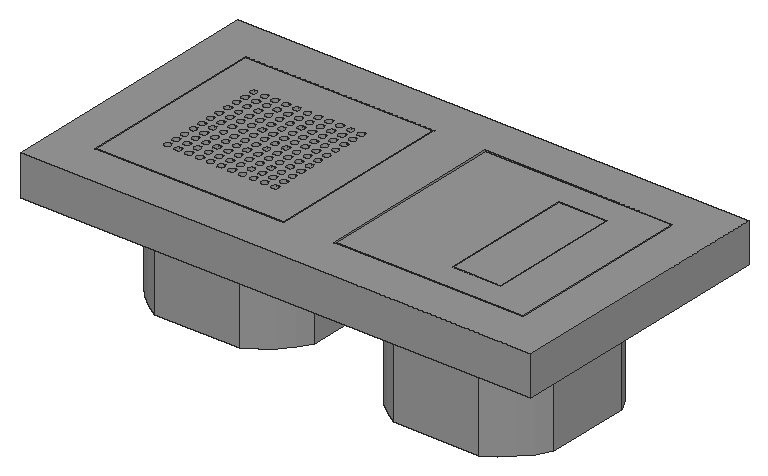
Revit family "Gira_228026", category Electrical Fixtures, host Face, Revit 2017
Family settings
  Host = Face
  Maintain Annotation Orientation = Yes
  Round Connector Dimension = Use Diameter
  Part Type = Normal
  Cut with Voids When Loaded = No
  Shared = No
  Room Calculation Point = No
Parameters (values of type "UP-Radio RDS Lautsprecher System 55 F Alu")
  Zusammenstellung = "Basiselement mit Gehäuse-Oberteil"
  Werkstoffgüte = "sonstige"
  Werkstoff = "sonstige"
  URL = "http://katalog.gira.de/de_DE/datenblatt.html?artikelnr=228026"
  Transparent = "No"
  Region = "DE"
  Oberfläche = "sonstige"
  Name = "UP-Radio RDS Lautsprecher System 55 F Alu"
  Montageart = "unter Putz"
  Manufacturer URL = "https://www.gira.de/"
  Keynote = "Sys55_Komplettgerät_UP-Radio"
  HeinzeBIM = "https://bimportal.heinze.de/bim/up-radio-rds-lautsprecher-system-55-f-alu/4d2cc39a3b163c52c6f0f39c77491ccf668227b0"
  Halogenfrei = "No"
  HAN = "228026"
  GTIN = "4010337068020"
  Farbe = "aluminium"
  Default Elevation = 1219.2 mm
  Data sheet (1) = "https://katalog.gira.de/de_DE/download.html?artikelnr=228026"
  Category = "Elektronik-Gerät für Installationsschalterprogramme"
  Befestigungsart = "Krallen-/Schraubbefestigung"
  Available = "Yes"
  Ausführung der Oberfläche = "glänzend"
  Ausführung = "Radio (*en-EN)"
Reference planes
  plane 1 "Center (Front/Back)": y = 0
  plane 2 "Reference Level 0": z = 0
  plane 3 "Center (Left/Right)": x = 0
  plane 4 "Reference Level 1": z = 11.9
Forms (mm)
  Extrusion 1, solid, material "White", detail levels medium+fine
    sketch origin (0, 0, 0) x (1, 0, 0) y (0, 1, 0)
      loop
        line (-75.892, 40.342) -> (-75.892, -40.342) -> (75.892, -40.342) -> (75.892, 40.342) -> (-75.892, 40.342)
      loop
        line (-7.45, 28.1) -> (-63.65, 28.1) -> (-63.65, -28.1) -> (-7.45, -28.1) -> (-7.45, 28.1)
      loop
        line (7.45, 28.1) -> (7.45, -28.1) -> (63.65, -28.1) -> (63.65, 28.1) -> (7.45, 28.1)
    from 0 to 11.9
  Extrusion 2, solid, material "White", detail levels fine
    sketch origin (0, 0, 0) x (1, 0, 0) y (0, 1, 0)
      loop
        circle (-19.55, 16) r 1
      loop
        circle (-22.75, 16) r 1
      loop
        circle (-25.95, 16) r 1
      loop
        circle (-29.15, 16) r 1
      loop
        circle (-32.35, 16) r 1
      loop
        circle (-35.55, 16) r 1
      loop
        circle (-38.75, 16) r 1
      loop
        circle (-41.95, 16) r 1
      loop
        circle (-45.15, 16) r 1
      loop
        circle (-48.35, 16) r 1
      loop
        circle (-51.55, 16) r 1
      loop
        circle (-19.55, 12.8) r 1
      loop
        circle (-22.75, 12.8) r 1
      loop
        circle (-25.95, 12.8) r 1
      loop
        circle (-29.15, 12.8) r 1
      loop
        circle (-32.35, 12.8) r 1
      loop
        circle (-35.55, 12.8) r 1
      loop
        circle (-38.75, 12.8) r 1
      loop
        circle (-41.95, 12.8) r 1
      loop
        circle (-45.15, 12.8) r 1
      loop
        circle (-48.35, 12.8) r 1
      loop
        circle (-51.55, 12.8) r 1
      loop
        circle (-19.55, 9.6) r 1
      loop
        circle (-22.75, 9.6) r 1
      loop
        circle (-25.95, 9.6) r 1
      loop
        circle (-29.15, 9.6) r 1
      loop
        circle (-32.35, 9.6) r 1
      loop
        circle (-35.55, 9.6) r 1
      loop
        circle (-38.75, 9.6) r 1
      loop
        circle (-41.95, 9.6) r 1
      loop
        circle (-45.15, 9.6) r 1
      loop
        circle (-48.35, 9.6) r 1
      loop
        circle (-51.55, 9.6) r 1
      loop
        circle (-19.55, 6.4) r 1
      loop
        circle (-22.75, 6.4) r 1
      loop
        circle (-25.95, 6.4) r 1
      loop
        circle (-29.15, 6.4) r 1
      loop
        circle (-32.35, 6.4) r 1
      loop
        circle (-35.55, 6.4) r 1
      loop
        circle (-38.75, 6.4) r 1
      loop
        circle (-41.95, 6.4) r 1
      loop
        circle (-45.15, 6.4) r 1
      loop
        circle (-48.35, 6.4) r 1
      loop
        circle (-51.55, 6.4) r 1
      loop
        circle (-19.55, 3.2) r 1
      loop
        circle (-22.75, 3.2) r 1
      loop
        circle (-25.95, 3.2) r 1
      loop
        circle (-29.15, 3.2) r 1
      loop
        circle (-32.35, 3.2) r 1
      loop
        circle (-35.55, 3.2) r 1
      loop
        circle (-38.75, 3.2) r 1
      loop
        circle (-41.95, 3.2) r 1
      loop
        circle (-45.15, 3.2) r 1
      loop
        circle (-48.35, 3.2) r 1
      loop
        circle (-51.55, 3.2) r 1
      loop
        circle (-19.55, 0) r 1
      loop
        circle (-22.75, 0) r 1
      loop
        circle (-25.95, 0) r 1
      loop
        circle (-29.15, 0) r 1
      loop
        circle (-32.35, 0) r 1
      loop
        circle (-35.55, 0) r 1
      loop
        circle (-38.75, 0) r 1
      loop
        circle (-41.95, 0) r 1
      loop
        circle (-45.15, 0) r 1
      loop
        circle (-48.35, 0) r 1
      loop
        circle (-51.55, 0) r 1
      loop
        circle (-19.55, -3.2) r 1
      loop
        circle (-22.75, -3.2) r 1
      loop
        circle (-25.95, -3.2) r 1
      loop
        circle (-29.15, -3.2) r 1
      loop
        circle (-32.35, -3.2) r 1
      loop
        circle (-35.55, -3.2) r 1
      loop
        circle (-38.75, -3.2) r 1
      loop
        circle (-41.95, -3.2) r 1
      loop
        circle (-45.15, -3.2) r 1
      loop
        circle (-48.35, -3.2) r 1
      loop
        circle (-51.55, -3.2) r 1
      loop
        circle (-19.55, -6.4) r 1
      loop
        circle (-22.75, -6.4) r 1
      loop
        circle (-25.95, -6.4) r 1
      loop
        circle (-29.15, -6.4) r 1
      loop
        circle (-32.35, -6.4) r 1
      loop
        circle (-35.55, -6.4) r 1
      loop
        circle (-38.75, -6.4) r 1
      loop
        circle (-41.95, -6.4) r 1
      loop
        circle (-45.15, -6.4) r 1
      loop
        circle (-48.35, -6.4) r 1
      loop
        circle (-51.55, -6.4) r 1
      loop
        circle (-19.55, -9.6) r 1
      loop
        circle (-22.75, -9.6) r 1
      loop
        circle (-25.95, -9.6) r 1
      loop
        circle (-29.15, -9.6) r 1
      loop
        circle (-32.35, -9.6) r 1
      loop
        circle (-35.55, -9.6) r 1
      loop
        circle (-38.75, -9.6) r 1
      loop
        circle (-41.95, -9.6) r 1
      loop
        circle (-45.15, -9.6) r 1
      loop
        circle (-48.35, -9.6) r 1
      loop
        circle (-51.55, -9.6) r 1
      loop
        circle (-19.55, -12.8) r 1
      loop
        circle (-22.75, -12.8) r 1
      loop
        circle (-25.95, -12.8) r 1
      loop
        circle (-29.15, -12.8) r 1
      loop
        circle (-32.35, -12.8) r 1
      loop
        circle (-35.55, -12.8) r 1
      loop
        circle (-38.75, -12.8) r 1
      loop
        circle (-41.95, -12.8) r 1
      loop
        circle (-45.15, -12.8) r 1
      loop
        circle (-48.35, -12.8) r 1
      loop
        circle (-51.55, -12.8) r 1
      loop
        circle (-19.55, -16) r 1
      loop
        circle (-22.75, -16) r 1
      loop
        circle (-25.95, -16) r 1
      loop
        circle (-29.15, -16) r 1
      loop
        circle (-32.35, -16) r 1
      loop
        circle (-35.55, -16) r 1
      loop
        circle (-38.75, -16) r 1
      loop
        circle (-41.95, -16) r 1
      loop
        circle (-45.15, -16) r 1
      loop
        circle (-48.35, -16) r 1
      loop
        circle (-51.55, -16) r 1
      loop
        line (-63.25, 27.7) -> (-63.25, -27.7) -> (-7.85, -27.7) -> (-7.85, 27.7) -> (-63.25, 27.7)
    from 0 to 11.9
  Extrusion 3, solid, material "White", detail levels fine
    sketch origin (0, 0, 0) x (1, 0, 0) y (0, 1, 0)
      loop
        line (7.95, 27.7) -> (7.95, -27.7) -> (63.35, -27.7) -> (63.35, 27.7) -> (7.95, 27.7)
      loop
        line (35.999, -19.679) -> (50.301, -19.679) -> (50.229, 19.679) -> (36.071, 19.679) -> (35.999, -19.679)
    from 0 to 11.9
  Extrusion 4, solid, material "White", detail levels fine
    sketch origin (0, 0, 0) x (1, 0, 0) y (0, 1, 0)
      loop
        line (35.999, -19.679) -> (50.301, -19.679) -> (50.229, 19.679) -> (36.071, 19.679) -> (35.999, -19.679)
    from 0 to 11.9
  Extrusion 5, solid, material "White", detail levels medium
    sketch origin (0, 0, 0) x (1, 0, 0) y (0, 1, 0)
      loop
        line (-63.65, 28.1) -> (-63.65, -28.1) -> (-7.45, -28.1) -> (-7.45, 28.1) -> (-63.65, 28.1)
    from 0 to 11.9
  Extrusion 6, solid, material "White", detail levels medium
    sketch origin (0, 0, 0) x (1, 0, 0) y (0, 1, 0)
      loop
        line (7.45, 28.1) -> (7.45, -28.1) -> (63.65, -28.1) -> (63.65, 28.1) -> (7.45, 28.1)
    from 0 to 11.9
  Extrusion 7, solid, material "Grey", detail levels fine
    sketch origin (0, 0, 0) x (1, 0, 0) y (0, 1, 0)
      loop
        arc (10.55, -12.61) -> (15.751, -19.799) -> (22.94, -25) r 28
        line (22.94, -25) -> (48.16, -25)
        arc (48.16, -25) -> (55.349, -19.799) -> (60.55, -12.61) r 28
        line (60.55, -12.61) -> (60.55, 12.61)
        arc (60.55, 12.61) -> (55.349, 19.799) -> (48.16, 25) r 28
        line (48.16, 25) -> (22.94, 25)
        arc (22.94, 25) -> (15.751, 19.799) -> (10.55, 12.61) r 28
        line (10.55, 12.61) -> (10.55, -12.61)
    from 0 to -31.7
  Extrusion 8, solid, material "Grey", detail levels fine
    sketch origin (0, 0, 0) x (-1, 0, 0) y (0, -1, 0)
      loop
        line (10.55, 12.61) -> (10.55, -12.61)
        arc (10.55, -12.61) -> (15.751, -19.799) -> (22.94, -25) r 28
        line (22.94, -25) -> (48.16, -25)
        arc (48.16, -25) -> (55.349, -19.799) -> (60.55, -12.61) r 28
        line (60.55, -12.61) -> (60.55, 12.61)
        arc (60.55, 12.61) -> (55.349, 19.799) -> (48.16, 25) r 28
        line (48.16, 25) -> (22.94, 25)
        arc (22.94, 25) -> (15.751, 19.799) -> (10.55, 12.61) r 28
    from 0 to -28
  Extrusion 9, solid, detail levels medium
    sketch origin (0, 0, 0) x (-1, 0, 0) y (0, -1, 0)
      loop
        line (10.55, 25) -> (10.55, -25) -> (60.55, -25) -> (60.55, 25) -> (10.55, 25)
    from 0 to -28
  Extrusion 10, solid, detail levels medium
    sketch origin (0, 0, 0) x (1, 0, 0) y (0, 1, 0)
      loop
        line (10.55, -25) -> (60.55, -25) -> (60.55, 25) -> (10.55, 25) -> (10.55, -25)
    from 0 to -31.7
  Extrusion 11, solid, material "Grey", detail levels coarse
    sketch origin (0, 0, 0) x (1, 0, 0) y (0, 1, 0)
      loop
        line (-75.892, 40.342) -> (-75.892, -40.342) -> (75.892, -40.342) -> (75.892, 40.342) -> (-75.892, 40.342)
    from -31.7 to 11.9
Cuts and joins
  joined: Extrusion 7, Extrusion 8
  joined: Extrusion 9, Extrusion 10
Dimensions and locks
  aligned and locked: plane 2 "Reference Level 0" to host face
  aligned and locked: level to host face
Nested families
  nested 1: "Radio Beschriftung" at (0, 0, 0) x (0, 1, 0) z (0, 0, 1), type "Radio Beschriftung"
Connectors
  electrical at (-35.55, 0, -28)
    settings: on cut or joined group of Extrusion 7, Extrusion 8, index 1, voltage 220 V, apparent load 0 VA, apparent load phase1 0 VA, apparent load phase2 0 VA, apparent load phase3 0 VA, power factor 1, load classification "Other", number of poles 1, system type 31, power factor state 1, is connector primary yes, connector utility no, sub classification motor no, connector description ""
Definition of nested family "Radio Beschriftung"
  Reference planes
    plane 1: y = 0
    plane 2: x = 0
  Lines and regions (mm)
    detail lines
      curve 1: line (0, 1, 0) -> (3, 1, 0)
      curve 2: line (0, -1, 0) -> (0, 1, 0)
      curve 3: line (3, -1, 0) -> (0, -1, 0)
      curve 4: line (3, 1, 0) -> (3, -1, 0)
      curve 5: line (2, 1, 0) -> (2, -1, 0)
      curve 6: line (3, 1, 0) -> (2, 0.49, 0)
      curve 7: line (3, -1, 0) -> (2, -0.49, 0)
  Dimensions and locks
    curve 2 to curve 4 = 3 mm
    curve 3 to curve 1 = 2 mm
